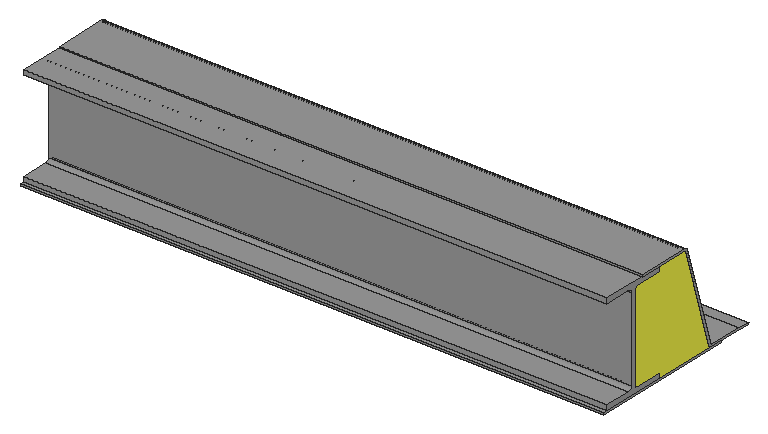
Revit family "XK 70 215 WIL", category Generic Models, Revit 2014
Parameters (values of type "Max lintel length 6600mm")
  URL = "http://www.keystonelintels.co.uk"
  Structural Opening [instance] = 900 mm
  Structural Performance = "The Keystone lintel range has safe working loads as detailed in each applicable loading table in the Keystone Lintel Guide brochure. The structural performance figures within each table have been ascertained by testing in accordance with the requirements of standards BS EN 5977-2: 1983 and BS EN 845-2: 2003."
  RIBA Productor Selector = "available for Keystone Lintels Ltd from Keystone Lintels Ltd from ribaproductselector.com"
  Model = "X/K 70 215 WIL"
  Min Length = 600 mm
  Min Clear Span = 300 mm
  Max Length = 6600 mm
  Max Clear Span = 6600 mm
  Material - Stainless Steel = "Grade 304 2b 1.4307 to BS EN 10088-2. Other grades available on request: contact manufacturer."
  Material - Galvanised Steel = "To BS EN 10346: 2009. DX51D plus Z600 or grade Z275 to BS 5977-2: 1983 (BS EN 845-2: 2003)."
  Manufacturer = "Keystone"
  Manufactured Length [instance] = (roundup(Effective Length / 150 mm) * 150 mm)  # 1200 mm
  Lintel height [instance] = 2100 mm
  Keynote = "F30/755"
  Fire Performance = "Keystone lintels have been subjected to a fire test (WARRES No. 101263) in accordance with BS 476-20: 1987, at Exova Warrington Fire and achieved a one hour fire performance."
  End Bearing = 150 mm
  Effective Length [instance] = Clear Opening with MIN MAX set + End Bearing * 2  # 1200 mm
  Corrosion = "Keystone’s standard range of lintels are manufactured from high quality grade pre-galvanized carbon steel with a zinc coating of 600"
  Contact Tel = "+44 (0)28 8676 2184"
  Contact Email = "info@keystonelintels.co.uk"
  Clear Opening with MIN MAX set [instance] = if(Structural Opening < Min Clear Span, Min Clear Span, (if(Structural Opening > Max Clear Span, Max Clear Span, Structural Opening)))  # 900 mm
  CPD Information = "Available for Keystone Lintels Ltd from ribacpd.com"
Reference planes
  plane 1 "Center (Front/Back)": y = 0
  plane 2: z = 0
  plane 3 "Center (Left/Right)": x = 0
  plane 4: x = -600
  plane 5: x = 600
  plane 6: z = 2100
  plane 7: x = -450
  plane 8: x = 450
Forms (mm)
  Extrusion 1, solid, material "Steel"
    sketch origin (0, 759.521, -506.841) x (0, 1, 0) y (0, 0, 1)
      loop
        line (-530.606, 2605.979) -> (-530.551, 2609.179) -> (-555.536, 2610.041) -> (-626.373, 2610.041)
        arc (-626.373, 2610.041) -> (-627.448, 2610.397) -> (-628.098, 2611.325) r 1.8
        line (-628.098, 2611.325) -> (-688.544, 2813.275)
        arc (-688.544, 2813.275) -> (-690.348, 2815.852) -> (-693.334, 2816.841) r 5
        line (-693.334, 2816.841) -> (-802.634, 2816.841) -> (-802.634, 2813.641) -> (-693.334, 2813.641)
        arc (-693.334, 2813.641) -> (-692.259, 2813.285) -> (-691.61, 2812.357) r 1.8
        line (-691.61, 2812.357) -> (-631.164, 2610.407)
        arc (-631.164, 2610.407) -> (-629.359, 2607.831) -> (-626.373, 2606.841) r 5
        line (-626.373, 2606.841) -> (-555.591, 2606.841) -> (-530.606, 2605.979)
    from -600 to 600
  Extrusion 2, solid, material "Steel"
    sketch origin (0, 759.521, -506.841) x (0, 1, 0) y (0, 0, 1)
      loop
        line (-893.421, 2606.841) -> (-759.521, 2606.841) -> (-759.521, 2616.441) -> (-815.671, 2616.441)
        arc (-815.671, 2616.441) -> (-821.045, 2618.667) -> (-823.271, 2624.041) r 7.6
        line (-823.271, 2624.041) -> (-823.271, 2796.441)
        arc (-823.271, 2796.441) -> (-821.045, 2801.815) -> (-815.671, 2804.041) r 7.6
        line (-815.671, 2804.041) -> (-759.521, 2804.041) -> (-759.521, 2813.641) -> (-893.421, 2813.641) -> (-893.421, 2804.041) -> (-837.271, 2804.041)
        arc (-837.271, 2804.041) -> (-831.897, 2801.815) -> (-829.671, 2796.441) r 7.6
        line (-829.671, 2796.441) -> (-829.671, 2624.041)
        arc (-829.671, 2624.041) -> (-831.897, 2618.667) -> (-837.271, 2616.441) r 7.6
        line (-837.271, 2616.441) -> (-893.421, 2616.441) -> (-893.421, 2606.841)
    from -600 to 600
  Extrusion 3, solid, material "Steel"
    sketch origin (0, 759.521, -506.841) x (0, 1, 0) y (0, 0, 1)
      loop
        line (-601.912, 2603.641) -> (-601.912, 2606.841) -> (-903.421, 2606.841) -> (-903.421, 2603.641) -> (-601.912, 2603.641)
    from -600 to 600
  Extrusion 4, solid, material "Insulation"
    sketch origin (0, 759.521, -506.841) x (0, 1, 0) y (0, 0, 1)
      loop
        line (-759.521, 2606.841) -> (-626.373, 2606.841)
        arc (-626.373, 2606.841) -> (-629.359, 2607.831) -> (-631.164, 2610.407) r 5
        line (-631.164, 2610.407) -> (-691.61, 2812.357)
        arc (-691.61, 2812.357) -> (-692.259, 2813.285) -> (-693.334, 2813.641) r 1.8
        line (-693.334, 2813.641) -> (-759.521, 2813.641) -> (-759.521, 2804.041) -> (-815.671, 2804.041)
        arc (-815.671, 2804.041) -> (-821.045, 2801.815) -> (-823.271, 2796.441) r 7.6
        line (-823.271, 2796.441) -> (-823.271, 2624.041)
        arc (-823.271, 2624.041) -> (-821.045, 2618.667) -> (-815.671, 2616.441) r 7.6
        line (-815.671, 2616.441) -> (-759.521, 2616.441) -> (-759.521, 2606.841)
    from -600 to 600
  Extrusion 5, solid, not visible
    sketch origin (0, 946.536, 1198.284) x (0, 1, 0) y (0, 0, 1)
      loop
        line (-530.606, 1005.979) -> (-530.551, 1009.179) -> (-555.536, 1010.041) -> (-626.373, 1010.041)
        arc (-626.373, 1010.041) -> (-627.448, 1010.397) -> (-628.098, 1011.325) r 1.8
        line (-628.098, 1011.325) -> (-688.544, 1213.275)
        arc (-688.544, 1213.275) -> (-690.348, 1215.852) -> (-693.334, 1216.841) r 5
        line (-693.334, 1216.841) -> (-802.634, 1216.841) -> (-802.634, 1213.641) -> (-693.334, 1213.641)
        arc (-693.334, 1213.641) -> (-692.259, 1213.285) -> (-691.61, 1212.357) r 1.8
        line (-691.61, 1212.357) -> (-631.164, 1010.407)
        arc (-631.164, 1010.407) -> (-629.359, 1007.831) -> (-626.373, 1006.841) r 5
        line (-626.373, 1006.841) -> (-555.591, 1006.841) -> (-530.606, 1005.979)
    from 0 to 250
  Extrusion 6, solid, not visible
    sketch origin (0, 601.353, 1183.302) x (0, 1, 0) y (0, 0, 1)
      loop
        line (-893.421, 1006.841) -> (-759.521, 1006.841) -> (-759.521, 1016.441) -> (-815.671, 1016.441)
        arc (-815.671, 1016.441) -> (-821.045, 1018.667) -> (-823.271, 1024.041) r 7.6
        line (-823.271, 1024.041) -> (-823.271, 1196.441)
        arc (-823.271, 1196.441) -> (-821.045, 1201.815) -> (-815.671, 1204.041) r 7.6
        line (-815.671, 1204.041) -> (-759.521, 1204.041) -> (-759.521, 1213.641) -> (-893.421, 1213.641) -> (-893.421, 1204.041) -> (-837.271, 1204.041)
        arc (-837.271, 1204.041) -> (-831.897, 1201.815) -> (-829.671, 1196.441) r 7.6
        line (-829.671, 1196.441) -> (-829.671, 1024.041)
        arc (-829.671, 1024.041) -> (-831.897, 1018.667) -> (-837.271, 1016.441) r 7.6
        line (-837.271, 1016.441) -> (-893.421, 1016.441) -> (-893.421, 1006.841)
    from 0 to 250
  Extrusion 7, solid, not visible
    sketch origin (0, 1013.845, 1007.558) x (0, 1, 0) y (0, 0, 1)
      loop
        line (-601.912, 1003.641) -> (-601.912, 1006.841) -> (-903.421, 1006.841) -> (-903.421, 1003.641) -> (-601.912, 1003.641)
    from 0 to 250
  Extrusion 8, solid, not visible
    sketch origin (0, 584.028, 845.785) x (0, 1, 0) y (0, 0, 1)
      loop
        line (-759.521, 1006.841) -> (-626.373, 1006.841)
        arc (-626.373, 1006.841) -> (-629.359, 1007.831) -> (-631.164, 1010.407) r 5
        line (-631.164, 1010.407) -> (-691.61, 1212.357)
        arc (-691.61, 1212.357) -> (-692.259, 1213.285) -> (-693.334, 1213.641) r 1.8
        line (-693.334, 1213.641) -> (-759.521, 1213.641) -> (-759.521, 1204.041) -> (-815.671, 1204.041)
        arc (-815.671, 1204.041) -> (-821.045, 1201.815) -> (-823.271, 1196.441) r 7.6
        line (-823.271, 1196.441) -> (-823.271, 1024.041)
        arc (-823.271, 1024.041) -> (-821.045, 1018.667) -> (-815.671, 1016.441) r 7.6
        line (-815.671, 1016.441) -> (-759.521, 1016.441) -> (-759.521, 1006.841)
    from 0 to 250
Dimensions and locks
  equal spacing: plane 4, plane 3 "Center (Left/Right)", plane 5
  "Manufactured Length": plane 4 to plane 5
  "Lintel height": plane 6 to level
  "Structural Opening": plane 7 to plane 8
  equal spacing: plane 7, plane 3 "Center (Left/Right)", plane 8
  aligned and locked: level to plane 2
  aligned and locked: Extrusion 2 to plane 6
  aligned and locked: Extrusion 4 to plane 6
  aligned and locked: Extrusion 1 to plane 6
  aligned and locked: plane 6 to Extrusion 3
  aligned and locked: plane 5 to Extrusion 3
  aligned and locked: Extrusion 3 to plane 4
  aligned and locked: plane 5 to Extrusion 2
  aligned and locked: Extrusion 2 to plane 4
  aligned and locked: plane 5 to Extrusion 1
  aligned and locked: Extrusion 1 to plane 4
  aligned and locked: plane 5 to Extrusion 4
  aligned and locked: Extrusion 4 to plane 4
Automatic sketch dimensions
  Extrusion 1 sketch curve to Extrusion 1 sketch curve = 70.782 mm
  Extrusion 1 sketch curve to Extrusion 1 sketch curve = 24.985 mm
  Extrusion 1 sketch curve to Extrusion 1 sketch curve = 0.862 mm
  Extrusion 1 sketch curve to Extrusion 1 sketch curve = 0.055 mm  (x2)
  Extrusion 1 sketch curve to Extrusion 1 sketch curve = 3.2 mm  (x2)
  Extrusion 1 sketch curve to Extrusion 1 sketch curve = 1.8 mm
  Extrusion 1 sketch curve to Extrusion 1 sketch curve = 4.79 mm
  Extrusion 1 sketch curve to Extrusion 1 sketch curve = 0 mm  (x8)
  Extrusion 1 sketch curve to Extrusion 1 sketch curve = 1.724 mm  (x2)
  Extrusion 1 sketch curve to Extrusion 1 sketch curve = 60.446 mm
  Extrusion 1 sketch curve to Extrusion 1 sketch curve = 201.95 mm
  Extrusion 1 sketch curve to Extrusion 1 sketch curve = 3.066 mm
  Extrusion 1 sketch curve to Extrusion 1 sketch curve = 0.918 mm
  Extrusion 1 sketch curve to Extrusion 1 sketch curve = 0.516 mm
  Extrusion 1 sketch curve to Extrusion 1 sketch curve = 109.3 mm
  Extrusion 2 sketch curve to Extrusion 2 sketch curve = 133.9 mm
  Extrusion 2 sketch curve to Extrusion 2 sketch curve = 9.6 mm  (x3)
  Extrusion 2 sketch curve to Extrusion 2 sketch curve = 56.15 mm  (x2)
  Extrusion 2 sketch curve to Extrusion 2 sketch curve = 7.6 mm  (x4)
  Extrusion 2 sketch curve to Extrusion 2 sketch curve = 172.4 mm
  Extrusion 2 sketch curve to Extrusion 2 sketch curve = 14 mm
  Extrusion 2 sketch curve to Extrusion 2 sketch curve = 0 mm
  Extrusion 2 sketch curve to Extrusion 2 sketch curve = 63.75 mm
  Extrusion 3 sketch curve to Extrusion 3 sketch curve = 301.509 mm
  Extrusion 3 sketch curve to Extrusion 3 sketch curve = 3.2 mm
  Extrusion 4 sketch curve to Extrusion 4 sketch curve = 4.79 mm
  Extrusion 4 sketch curve to Extrusion 4 sketch curve = 0 mm
  Extrusion 4 sketch curve to Extrusion 4 sketch curve = 1.434 mm
  Extrusion 4 sketch curve to Extrusion 4 sketch curve = 60.446 mm
  Extrusion 4 sketch curve to Extrusion 4 sketch curve = 201.95 mm
  Extrusion 4 sketch curve to Extrusion 4 sketch curve = 128.357 mm
  Extrusion 4 sketch curve to Extrusion 4 sketch curve = 9.6 mm  (x2)
  Extrusion 4 sketch curve to Extrusion 4 sketch curve = 56.15 mm  (x2)
  Extrusion 4 sketch curve to Extrusion 4 sketch curve = 7.6 mm  (x2)
  Extrusion 4 sketch curve to Extrusion 4 sketch curve = 1.724 mm
  Extrusion 4 sketch curve to Extrusion 4 sketch curve = 0.516 mm
  Extrusion 4 sketch curve to Extrusion 4 sketch curve = 3.566 mm
  Extrusion 5 sketch curve to Extrusion 5 sketch curve = 70.782 mm
  Extrusion 5 sketch curve to Extrusion 5 sketch curve = 24.985 mm
  Extrusion 5 sketch curve to Extrusion 5 sketch curve = 0.862 mm
  Extrusion 5 sketch curve to Extrusion 5 sketch curve = 0.055 mm  (x2)
  Extrusion 5 sketch curve to Extrusion 5 sketch curve = 3.2 mm  (x2)
  Extrusion 5 sketch curve to Extrusion 5 sketch curve = 1.8 mm
  Extrusion 5 sketch curve to Extrusion 5 sketch curve = 4.79 mm
  Extrusion 5 sketch curve to Extrusion 5 sketch curve = 0 mm  (x8)
  Extrusion 5 sketch curve to Extrusion 5 sketch curve = 1.724 mm  (x2)
  Extrusion 5 sketch curve to Extrusion 5 sketch curve = 60.446 mm
  Extrusion 5 sketch curve to Extrusion 5 sketch curve = 201.95 mm
  Extrusion 5 sketch curve to Extrusion 5 sketch curve = 3.066 mm
  Extrusion 5 sketch curve to Extrusion 5 sketch curve = 0.918 mm
  Extrusion 5 sketch curve to Extrusion 5 sketch curve = 0.516 mm
  Extrusion 5 sketch curve to Extrusion 5 sketch curve = 109.3 mm
  Extrusion 6 sketch curve to Extrusion 6 sketch curve = 133.9 mm
  Extrusion 6 sketch curve to Extrusion 6 sketch curve = 9.6 mm  (x3)
  Extrusion 6 sketch curve to Extrusion 6 sketch curve = 56.15 mm  (x2)
  Extrusion 6 sketch curve to Extrusion 6 sketch curve = 7.6 mm  (x4)
  Extrusion 6 sketch curve to Extrusion 6 sketch curve = 172.4 mm
  Extrusion 6 sketch curve to Extrusion 6 sketch curve = 14 mm
  Extrusion 6 sketch curve to Extrusion 6 sketch curve = 0 mm
  Extrusion 6 sketch curve to Extrusion 6 sketch curve = 63.75 mm
  Extrusion 7 sketch curve to Extrusion 7 sketch curve = 301.509 mm
  Extrusion 7 sketch curve to Extrusion 7 sketch curve = 3.2 mm
  Extrusion 8 sketch curve to Extrusion 8 sketch curve = 4.79 mm
  Extrusion 8 sketch curve to Extrusion 8 sketch curve = 0 mm
  Extrusion 8 sketch curve to Extrusion 8 sketch curve = 1.434 mm
  Extrusion 8 sketch curve to Extrusion 8 sketch curve = 60.446 mm
  Extrusion 8 sketch curve to Extrusion 8 sketch curve = 201.95 mm
  Extrusion 8 sketch curve to Extrusion 8 sketch curve = 128.357 mm
  Extrusion 8 sketch curve to Extrusion 8 sketch curve = 9.6 mm  (x2)
  Extrusion 8 sketch curve to Extrusion 8 sketch curve = 56.15 mm  (x2)
  Extrusion 8 sketch curve to Extrusion 8 sketch curve = 7.6 mm  (x2)
  Extrusion 8 sketch curve to Extrusion 8 sketch curve = 1.724 mm
  Extrusion 8 sketch curve to Extrusion 8 sketch curve = 0.516 mm
  Extrusion 8 sketch curve to Extrusion 8 sketch curve = 3.566 mm
  Extrusion 4 sketch curve to plane 1 "Center (Front/Back)" = 0 mm
  Extrusion 4 sketch curve to plane 6 = 0 mm
  Extrusion 2 sketch curve to plane 6 = 0 mm
  Extrusion 2 sketch curve to plane 1 "Center (Front/Back)" = 0 mm
  Extrusion 1 sketch curve to plane 6 = 0 mm
  plane 1 "Center (Front/Back)" to Extrusion 1 sketch curve = 43.114 mm
  Extrusion 3 sketch curve to plane 6 = 0 mm
  plane 1 "Center (Front/Back)" to Extrusion 3 sketch curve = 143.9 mm
